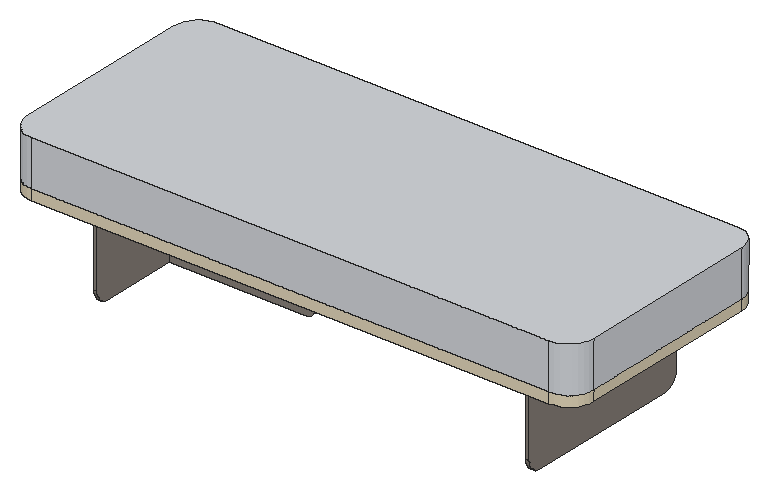
Revit family "Bernhardt_Design-Seating-Benches-Elevation", category Furniture, Revit 2016
Family settings
  OmniClass Number = 23.40.20.00
  OmniClass Title = General Furniture and Specialties
  Work Plane-Based = No
  Always vertical = Yes
  Cut with Voids When Loaded = No
  Shared = No
  Room Calculation Point = No
Parameters (values of type "Elevation 3801A")
  Wood = Bernhardt - Oak default
  URL = "http://www.bernhardtdesign.com"
  ThirdFin = no
  SKU = "Elevation 3801A"
  Model = "Elevation"  # constant formula
  Metal = Aluminum - Bronze Powdercoat
  Manufacturer = "Bernhardt Design"  # constant formula
  LegR_toEdge = 7.84008"
  LegL_toEdge = 8.32486"
  Fabric = none
  Copyright © [instance] = "Copyright © Bernhardt Design"  # constant formula
  Catalog [instance] = SKU  # "Elevation 3801A"
  BenchLength = 68"
  Authoring Version [instance] = "Autodesk Revit 2016"  # constant formula
  AsymmetricFin = yes
Types (17): name | Wood | ThirdFin | SKU | Metal | Catalog | BenchLength | AsymmetricFin
  (no name) | Bernhardt - Oak default | no | "Elevation 3801A" | Aluminum - Bronze Powdercoat | "Elevation 3801A" | 68" | yes
  Elevation 3801A | Bernhardt - Oak default | no | "Elevation 3801A" | Aluminum - Bronze Powdercoat | "Elevation 3801A" | 68" | yes
  Elevation 3801AK | Bernhardt - Oak default | no | "Elevation 3801AK" | Aluminum - Matte Black Powdercoat | "Elevation 3801AK" | 68" | yes
  Elevation 3802A | Bernhardt - Walnut default | no | "Elevation 3802A" | Aluminum - Bronze Powdercoat | "Elevation 3802A" | 68" | yes
  Elevation 3802AK | Bernhardt - Walnut default | no | "Elevation 3802AK" | Aluminum - Matte Black Powdercoat | "Elevation 3802AK" | 68" | yes
  Elevation 3803A | Bernhardt - Oak default | no | "Elevation 3803A" | Aluminum - Bronze Powdercoat | "Elevation 3803A" | 68" | no
  Elevation 3803AK | Bernhardt - Oak default | no | "Elevation 3803AK" | Aluminum - Matte Black Powdercoat | "Elevation 3803AK" | 68" | no
  Elevation 3804A | Bernhardt - Walnut default | no | "Elevation 3804A" | Aluminum - Bronze Powdercoat | "Elevation 3804A" | 68" | no
  Elevation 3804AK | Bernhardt - Walnut default | no | "Elevation 3804AK" | Aluminum - Matte Black Powdercoat | "Elevation 3804AK" | 68" | no
  Elevation 3811A | Bernhardt - Oak default | no | "Elevation 3811A" | Aluminum - Bronze Powdercoat | "Elevation 3811A" | 92" | yes
  Elevation 3811AK | Bernhardt - Oak default | no | "Elevation 3811AK" | Aluminum - Matte Black Powdercoat | "Elevation 3811AK" | 92" | yes
  Elevation 3812A | Bernhardt - Walnut default | no | "Elevation 3812A" | Aluminum - Bronze Powdercoat | "Elevation 3812A" | 92" | yes
  Elevation 3812AK | Bernhardt - Walnut default | no | "Elevation 3812AK" | Aluminum - Matte Black Powdercoat | "Elevation 3812AK" | 92" | yes
  Elevation 3813A | Bernhardt - Oak default | yes | "Elevation 3813A" | Aluminum - Bronze Powdercoat | "Elevation 3813A" | 92" | no
  Elevation 3813AK | Bernhardt - Oak default | yes | "Elevation 3813AK" | Aluminum - Matte Black Powdercoat | "Elevation 3813AK" | 92" | no
  Elevation 3814A | Bernhardt - Walnut default | yes | "Elevation 3814A" | Aluminum - Bronze Powdercoat | "Elevation 3814A" | 92" | no
  Elevation 3814AK | Bernhardt - Walnut default | yes | "Elevation 3814AK" | Aluminum - Matte Black Powdercoat | "Elevation 3814AK" | 92" | no
Reference planes (in)
  plane 1 "Center Front/Back": y = 0
  plane 2: z = 0
  plane 3 "Center Left/Right": x = 0
  plane 4: x = -34.01563
  plane 5: x = 33.98437
  plane 6 "LegR_pos": x = 26.1443
  plane 7 "LegL_pos": x = -25.69077
  plane 8 "CushionTop": z = 17.50125
  plane 9 "CushionBottom": z = 12.00125
  plane 10 "FrameBottom": z = 10.75
Forms (in)
  Extrusion 1, solid, material "Aluminum - Bronze Powdercoat" <- "Metal"
    sketch origin (26.1443, 0, 0) x (0, -1, 0) y (0, 0, 1)
      loop
        line (-10.99997, 10.75125) -> (-10.99997, 1.62538)
        arc (-10.99997, 1.62538) -> (-10.52391, 0.47606) -> (-9.37459, 0) r 1.62538
        line (-9.37459, 0) -> (9.35331, 0)
        arc (9.35331, 0) -> (10.51772, 0.48231) -> (11.00003, 1.64672) r 1.64672
        line (11.00003, 1.64672) -> (11.00003, 10.75125) -> (-10.99997, 10.75125)
    from -0.02415 to 0.35085
  Extrusion 2, solid, material "Aluminum - Bronze Powdercoat" <- "Metal"
    sketch origin (-25.69077, 0, 0) x (0, -1, 0) y (0, 0, 1)
      loop
        line (-10.99997, 10.75125) -> (-10.99997, 1.62538)
        arc (-10.99997, 1.62538) -> (-10.52391, 0.47606) -> (-9.37459, 0) r 1.62538
        line (-9.37459, 0) -> (9.35331, 0)
        arc (9.35331, 0) -> (10.51772, 0.48231) -> (11.00003, 1.64672) r 1.64672
        line (11.00003, 1.64672) -> (11.00003, 10.75125) -> (-10.99997, 10.75125)
    from -0.02415 to 0.35085
  Extrusion 3, solid, material "Bernhardt - Oak default" <- "Wood"
    sketch origin (0, 0, 10.75) x (-1, 0, 0) y (0, -1, 0)
      loop
        arc (31.01563, -14) -> (33.13695, -13.12132) -> (34.01562, -11) r 3
        line (34.01562, -11) -> (34.01562, 11)
        arc (34.01562, 11) -> (33.13695, 13.12132) -> (31.01563, 14) r 3
        line (31.01563, 14) -> (-30.98437, 14)
        arc (-30.98437, 14) -> (-33.1057, 13.12132) -> (-33.98437, 11) r 3
        line (-33.98437, 11) -> (-33.98437, -11.08058)
        arc (-33.98437, -11.08058) -> (-33.1293, -13.14492) -> (-31.06496, -14) r 2.91942
        line (-31.06496, -14) -> (31.01563, -14)
    from 0 to 1.25125
  Extrusion 4, solid, material <- "Fabric"
    sketch origin (0, 0, 10.75) x (-1, 0, 0) y (0, -1, 0)
      loop
        arc (31.01563, -14) -> (33.13695, -13.12132) -> (34.01562, -11) r 3
        line (34.01562, -11) -> (34.01562, 11)
        arc (34.01562, 11) -> (33.13695, 13.12132) -> (31.01563, 14) r 3
        line (31.01563, 14) -> (-30.98437, 14)
        arc (-30.98437, 14) -> (-33.1057, 13.12132) -> (-33.98437, 11) r 3
        line (-33.98437, 11) -> (-33.98437, -11.08058)
        arc (-33.98437, -11.08058) -> (-33.1293, -13.14492) -> (-31.06496, -14) r 2.91942
        line (-31.06496, -14) -> (31.01563, -14)
    from 1.25125 to 6.75125
  Extrusion 5, solid, material "Aluminum - Bronze Powdercoat" <- "Metal", visible <- "AsymmetricFin"
    sketch origin (-20.85934, -0.16335, 0) x (-1, 0, 0) y (0, 0, 1)
      loop
        line (-13.00367, 10.75125) -> (-13.00367, 1.62538)
        arc (-13.00367, 1.62538) -> (-12.5276, 0.47606) -> (-11.37829, 0) r 1.62538
        line (-11.37829, 0) -> (9.38672, 0)
        arc (9.38672, 0) -> (10.55113, 0.48231) -> (11.03344, 1.64672) r 1.64672
        line (11.03344, 1.64672) -> (11.03344, 10.75125) -> (-13.00367, 10.75125)
    from -0.02415 to 0.35085
  Extrusion 6, solid, material "Aluminum - Bronze Powdercoat" <- "Metal", visible <- "ThirdFin"
    sketch origin (12.17703, 0.00003, 0) x (0, -1, 0) y (0, 0, 1)
      loop
        line (-10.99997, 10.75125) -> (-10.99997, 1.62538)
        arc (-10.99997, 1.62538) -> (-10.52391, 0.47606) -> (-9.37459, 0) r 1.62538
        line (-9.37459, 0) -> (9.35331, 0)
        arc (9.35331, 0) -> (10.51772, 0.48231) -> (11.00003, 1.64672) r 1.64672
        line (11.00003, 1.64672) -> (11.00003, 10.75125) -> (-10.99997, 10.75125)
    from -0.02415 to 0.35085
Dimensions and locks (in)
  "BenchLength": plane 4 to plane 5
  "LegL_toEdge": plane 4 to plane 7 "LegL_pos"
  "LegR_toEdge": plane 6 "LegR_pos" to plane 5
  aligned and locked: level to plane 2
  aligned and locked: Extrusion 3 to plane 5
  aligned and locked: plane 4 to Extrusion 3
Automatic sketch dimensions
  Extrusion 1 sketch curve to level = 0"
  level to Extrusion 1 sketch curve = 1.62538"
  Extrusion 1 sketch curve to plane 1 "Center Front/Back" = 10.99997"
  level to Extrusion 1 sketch curve = 1.64672"
  plane 1 "Center Front/Back" to Extrusion 1 sketch curve = 9.35331"
  plane 10 "FrameBottom" to Extrusion 1 sketch curve = 0.00125"
  Extrusion 2 sketch curve to level = 0"
  level to Extrusion 2 sketch curve = 1.62538"
  Extrusion 2 sketch curve to plane 1 "Center Front/Back" = 10.99997"
  level to Extrusion 2 sketch curve = 1.64672"
  plane 1 "Center Front/Back" to Extrusion 2 sketch curve = 9.35331"
  plane 10 "FrameBottom" to Extrusion 2 sketch curve = 0.00125"
  Extrusion 3 sketch curve to plane 5 = 0"
  Extrusion 3 sketch curve to plane 4 = 0"
  Extrusion 3 sketch curve to Extrusion 3 sketch curve = 2.91942"
  Extrusion 3 sketch curve to Extrusion 3 sketch curve = 3"
  Extrusion 3 sketch curve to plane 4 = 3"  (x2)
  Extrusion 3 sketch curve to plane 1 "Center Front/Back" = 14"
  plane 1 "Center Front/Back" to Extrusion 3 sketch curve = 11"
  Extrusion 4 sketch curve to plane 5 = 0"
  Extrusion 4 sketch curve to plane 4 = 0"
  Extrusion 4 sketch curve to Extrusion 4 sketch curve = 2.91942"
  Extrusion 4 sketch curve to Extrusion 4 sketch curve = 3"
  Extrusion 4 sketch curve to plane 4 = 3"  (x2)
  Extrusion 4 sketch curve to plane 1 "Center Front/Back" = 14"
  plane 1 "Center Front/Back" to Extrusion 4 sketch curve = 11"
  Extrusion 5 sketch curve to level = 0"
  level to Extrusion 5 sketch curve = 1.62538"
  Extrusion 5 sketch curve to plane 3 "Center Left/Right" = 7.85568"
  level to Extrusion 5 sketch curve = 1.64672"
  Extrusion 5 sketch curve to plane 4 = 3.76956"
  plane 10 "FrameBottom" to Extrusion 5 sketch curve = 0.00125"
  Extrusion 6 sketch curve to level = 0"
  level to Extrusion 6 sketch curve = 1.62538"
  Extrusion 6 sketch curve to plane 1 "Center Front/Back" = 11"
  level to Extrusion 6 sketch curve = 1.64672"
  Extrusion 6 sketch curve to Extrusion 6 sketch curve = 18.72791"
  plane 10 "FrameBottom" to Extrusion 6 sketch curve = 0.00125"
